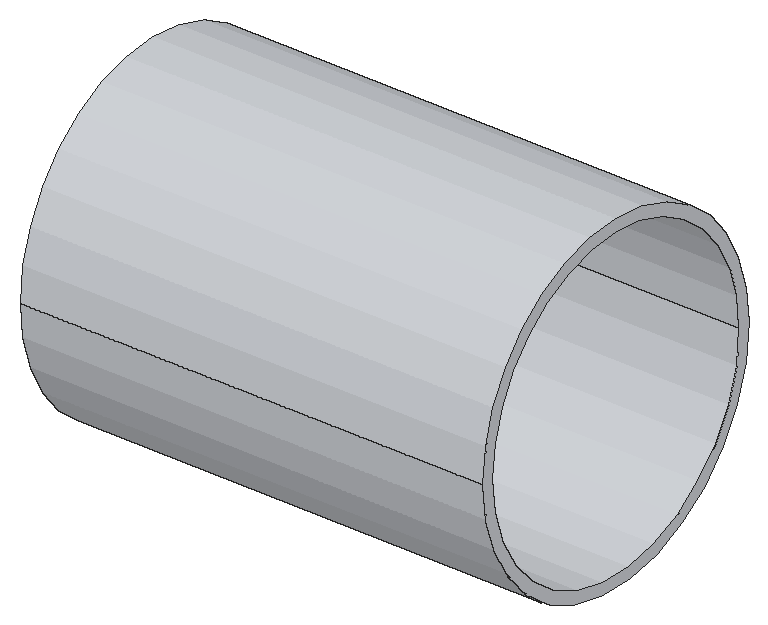
Revit family "支撑轴力", category 常规模型, Revit 2016
Family settings
  零件类型 = 标准
  可将钢筋附着到主体 = 否
  圆形连接件大小 = 使用直径
  基于工作平面 = 否
  加载时剪切的空心 = 否
  共享 = 否
  房间计算点 = 否
Parameters
  built-in parameter 1001306 [instance] = 1200 mm
  直径 = 800 mm
  监测数据 [instance] = ""
  外径 = 直径 + 2 * 壁厚  # 860 mm
  壁厚 = 30 mm
Reference planes
  plane 1 "中心(前/后)": y = 0
  plane 2: z = 0
  plane 3 "左": x = 0
  plane 4 "右": x = 1200
Forms (mm)
  Extrusion 1, solid
    sketch origin (0, 0, 0) x (0, 1, 0) y (0, 0, 1)
      loop
        circle (0, 0) r 430
    from 0 to 1200
  Extrusion 2, void
    sketch origin (0, 0, 0) x (0, 1, 0) y (0, 0, 1)
      loop
        circle (0, 0) r 400
    from 0 to 1200
Cuts and joins
  Extrusion 2 cuts Extrusion 1
Lines and regions (mm)
  reference lines
    curve 1: line (0, 0, 0) -> (1200, 0, 0)
Dimensions and locks
  "built-in parameter 1001306": plane 3 "左" to plane 4 "右"
  "外径": diameter of Extrusion 1 sketch curve
  "直径": diameter of Extrusion 2 sketch curve
  aligned and locked: plane 4 "右" to curve 1
  aligned and locked: plane 1 "中心(前/后)" to curve 1
  aligned and locked: plane 3 "左" to curve 1
  aligned and locked: level to plane 2
  aligned and locked: Extrusion 1 to plane 4 "右"
  aligned and locked: Extrusion 1 to plane 3 "左"
  aligned and locked: cut or joined group of Extrusion 1, Extrusion 2 to plane 4 "右"
  aligned and locked: cut or joined group of Extrusion 1, Extrusion 2 to plane 3 "左"
Automatic sketch dimensions
  Extrusion 1 sketch curve to level = 0 mm
  Extrusion 1 sketch curve to plane 1 "中心(前/后)" = 0 mm
  Extrusion 2 sketch curve to level = 0 mm
  Extrusion 2 sketch curve to plane 1 "中心(前/后)" = 0 mm
